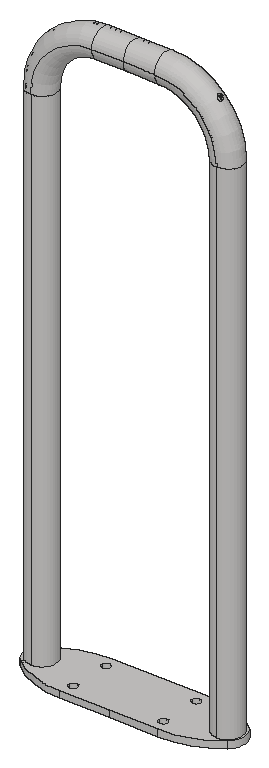
Revit family "Landscaping_Other_Axelent_Nimbus_Small", category Furniture, Revit 2018
Family settings
  OmniClass Number = 23.40.10.14
  OmniClass Title = Exterior Specialties
  Work Plane-Based = No
  Always vertical = Yes
  Cut with Voids When Loaded = No
  Shared = No
  Room Calculation Point = No
Parameters (values of type "Bike-Up Nimbus Small")
  nimbus type = nimbus small : nimbus small
  WarrantyStartDate [instance] = "n/a"
  WarrantyGuarantorParts = "n/a"
  WarrantyGuarantorLabor = "n/a"
  WarrantyDurationUnit = "Years"
  WarrantyDurationParts = "n/a"
  WarrantyDurationLabor = "n/a"
  WarrantyDescription = "n/a"
  VersionDate = "28/03/2022"  # constant formula
  Version = "1"  # constant formula
  Uniclass2015Reference = "Pr_40_30_21"
  Uniclass2015Description = "Cycle stands and lockers"
  Uniclass2 = "Pr_40_30_20"
  URL = "https://www.axelent.com/products/property/bike-racks/other-racks/bike-up-nimbus-small/"
  Type Comments = ""
  TagNumber [instance] = "n/a"
  SustainabilityPerformance = "n/a"
  Style = "n/a"
  Size = "268x80x724 mm"
  Shape = "Sculptured"
  SerialNumber [instance] = "n/a"
  Revision = "n/a"
  ReplacementCost = "n/a"
  ProductInformation = "Stylish bicycle rack for support and locking of bicycles. Hot-dip galvanized surface treatment, fastening with bolt."
  ProductDatasheet = "https://www.axelent.com/media/ig0iec1m/axelent-safe-x-bike-up-nimbus-small.pdf"
  NominalLength = 268.059 mm
  NominalHeight = 724.028 mm
  NominalDepth = 80 mm
  Name = "Nimbus_Small"
  NBSReference = "45-35-86/311"
  NBSDescription = "Aluminium cycle lockers"
  ModelReference = "n/a"
  ModelNumber = "101101"
  Material = "Steel"
  ManufacturerURL = "https://www.axelent.com/home/"
  ManufacturerName = "Axelent"
  Model = "Bike-Up Nimbus Small"
  Manufacturer = "Axelent"
  MainColor = "Galvanized"
  InstallationDate [instance] = "n/a"
  IfcExportType = "BOLLARD"  # constant formula
  IfcExportAs = "IfcFurnishingElementType"  # constant formula
  Grade = "n/a"
  Finish = "n/a"
  Features = "n/a"
  ExpectedLife = "Years"
  DurationUnit = "n/a"
  Description = "Stylish bicycle rack for support and locking of bicycles. Hot-dip galvanized surface treatment, fastening with bolt."
  CycleBollardMainMaterial = Steel, Galvanized
  Cost = 0
  Constituents = "n/a"
  Color = MainColor  # "Galvanized"
  CodePerformance = "n/a"
  Barcode [instance] = "n/a"
  AssetIdentifier [instance] = "n/a"
  Category = "Cycle lockers"
  Brand = "Axelent"
  BIMObjectName = "Landscaping_Other_Axelent_Nimbus_Small"
  Author = "BIMstone"  # constant formula
  AssetType = "Fixed"
  AccessibilityPerformance = "n/a"
Reference planes
  plane 1 "Center (Front/Back)": y = 0
  plane 2: z = 0
  plane 3 "Center (Left/Right)": x = 0
  plane 4: x = -134.029
  plane 5: x = 134.029
  plane 6: y = -40
  plane 7: z = 724.028
  plane 8: y = 40
Dimensions and locks
  equal spacing: plane 4, plane 3 "Center (Left/Right)", plane 5
  "NominalLength": plane 4 to plane 5
  "NominalHeight": plane 7 to level
  equal spacing: plane 8, plane 1 "Center (Front/Back)", plane 6
  "NominalDepth": plane 6 to plane 8
  aligned and locked: level to plane 2
Nested families
  nested 1: "nimbus small" at (0, 0, 0), type <- "nimbus type", main material <- "CycleBollardMainMaterial", type "nimbus small"
    with main material Steel, Galvanized
Definition of nested family "nimbus small"
  Parameters (values of type "nimbus small")
    main material [instance] = none
  Reference planes
    plane 1 "Center (Front/Back)": y = 0
    plane 2: z = 0
    plane 3 "Center (Left/Right)": x = 0
    plane 4: y = 40
    plane 5: y = -40
    plane 6: x = -134.029
    plane 7: x = 134.029
    plane 8: z = 724.028
  Forms (mm)
    Extrusion 1, solid, material <- "main material", detail levels medium+fine
      sketch origin (0, 0, 0) x (1, 0, 0) y (0, 1, 0)
        loop
          line (0, 40) -> (-60.019, 40)
          arc (-60.019, 40) -> (-95.358, 33.821) -> (-126.504, 16.018) r 104.147
          arc (-126.504, 16.018) -> (-134.029, 0) -> (-126.504, -16.018) r 20.81
          arc (-126.504, -16.018) -> (-95.358, -33.821) -> (-60.019, -40) r 104.147
          line (-60.019, -40) -> (0, -40) -> (60.019, -40)
          arc (60.019, -40) -> (95.358, -33.821) -> (126.504, -16.018) r 104.147
          arc (126.504, -16.018) -> (134.029, 0) -> (126.504, 16.018) r 20.81
          arc (126.504, 16.018) -> (95.358, 33.821) -> (60.019, 40) r 104.147
          line (60.019, 40) -> (0, 40)
        loop
          circle (-54.986, 24.983) r 5.5
        loop
          circle (-54.986, -24.983) r 5.5
        loop
          circle (54.986, 24.983) r 5.5
        loop
          circle (54.986, -24.983) r 5.5
      from 0 to 8
    Sweep 2, solid, material <- "main material", detail levels medium+fine
      path origin (0, 0, 0) x (1, 0, 0) y (0, 0, 1)
        loop
          line (113.529, 8) -> (113.529, 631.528)
          arc (113.529, 631.528) -> (91.562, 684.561) -> (38.529, 706.528) r 75
          line (38.529, 706.528) -> (0, 706.528) -> (-38.529, 706.528)
          arc (-38.529, 706.528) -> (-91.562, 684.561) -> (-113.529, 631.528) r 75
          line (-113.529, 631.528) -> (-113.529, 8)
      profile origin (-19.265, 0, 706.528) x (0, 0, -1) y (0, -1, 0)
        loop
          circle (0, 0) r 17.5
        loop
          circle (0, 0) r 15.5
    Extrusion 3, void
      sketch origin (451.817, 0, 283.298) x (0.707107, 0, 0.707107) y (0, 1, 0)
        loop
          circle (-100.974, 0) r 4
      from 586.761 to 774.821
    Extrusion 4, void
      sketch origin (-451.817, 0, 283.298) x (-0.707107, 0, 0.707107) y (0, -1, 0)
        loop
          circle (-100.974, 0) r 4
      from 586.761 to 774.821
    Extrusion 5, solid, material <- "main material", detail levels coarse
      sketch origin (0, 0, 0) x (0, 1, 0) y (0, 0, 1)
        loop
          line (-40, 724.028) -> (-40, 0) -> (40, 0) -> (40, 724.028) -> (-40, 724.028)
      from -134.029 to 134.029
  Cuts and joins
    Extrusion 3 cuts Extrusion 1
    Extrusion 3, Extrusion 4 cuts Sweep 2
  Lines and regions (mm)
    symbolic lines, detail levels medium+fine
      curve 1: line (0, 40, 0) -> (-60.019, 40, 0)
      curve 2: arc (-60.019, 40, 0) -> (-95.358, 33.821, 0) -> (-126.504, 16.018, 0) r 104.147
      curve 3: arc (-126.504, 16.018, 0) -> (-132.054, 8.849, 0) -> (-134.029, 0, 0) r 20.81
      curve 9: line (0, 40, 0) -> (60.019, 40, 0)
      curve 10: arc (60.019, 40, 0) -> (95.358, 33.821, 0) -> (126.504, 16.018, 0) r 104.147
      curve 11: arc (126.504, 16.018, 0) -> (132.054, 8.849, 0) -> (134.029, 0, 0) r 20.81
      curve 17: line (0, -40, 0) -> (-60.019, -40, 0)
      curve 18: arc (-60.019, -40, 0) -> (-95.358, -33.821, 0) -> (-126.504, -16.018, 0) r 104.147
      curve 19: arc (-126.504, -16.018, 0) -> (-132.054, -8.849, 0) -> (-134.029, 0, 0) r 20.81
      curve 25: line (0, -40, 0) -> (60.019, -40, 0)
      curve 26: arc (60.019, -40, 0) -> (95.358, -33.821, 0) -> (126.504, -16.018, 0) r 104.147
      curve 27: arc (126.504, -16.018, 0) -> (132.054, -8.849, 0) -> (134.029, 0, 0) r 20.81
      curve 33: line (0, 0, 0) -> (-134.029, 0, 0)
      curve 34: line (-134.029, 0, 0) -> (-134.029, 0, 8)
      curve 35: line (-134.029, 0, 8) -> (-131.029, 0, 8)
      curve 38: line (-131.029, 0, 8) -> (-131.029, 0, 631.488)
      curve 39: line (0, 0, 724.028) -> (-38.49, 0, 724.028)
      curve 40: arc (-131.029, 0, 631.488) -> (-103.925, 0, 696.924) -> (-38.49, 0, 724.028) r 92.539
      curve 44: line (0, 0, 0) -> (134.029, 0, 0)
      curve 45: line (134.029, 0, 0) -> (134.029, 0, 8)
      curve 46: line (134.029, 0, 8) -> (131.029, 0, 8)
      curve 49: line (131.029, 0, 8) -> (131.029, 0, 631.488)
      curve 50: line (0, 0, 724.028) -> (38.49, 0, 724.028)
      curve 51: arc (131.029, 0, 631.488) -> (103.925, 0, 696.924) -> (38.49, 0, 724.028) r 92.539
      curve 55: line (0, 0, 0) -> (0, 40, 0)
      curve 56: line (0, 40, 0) -> (0, 40, 8)
      curve 57: line (0, 40, 8) -> (0, 17.5, 8)
      curve 59: line (0, 17.5, 8) -> (0, 17.5, 707.22)
      curve 60: arc (0, 17.5, 707.22) -> (0, 12.331, 719.352) -> (0, 0, 724.028) r 16.822
      curve 62: line (0, 0, 0) -> (0, -40, 0)
      curve 63: line (0, -40, 0) -> (0, -40, 8)
      curve 64: line (0, -40, 8) -> (0, -17.5, 8)
      curve 66: line (0, -17.5, 8) -> (0, -17.5, 707.22)
      curve 67: arc (0, -17.5, 707.22) -> (0, -12.331, 719.352) -> (0, 0, 724.028) r 16.822
    symbolic lines, detail levels fine
      curve 4: line (-113.529, 17.5, 0) -> (0, 17.5, 0)
      curve 5: arc (-131.029, 0, 0) -> (-125.904, 12.374, 0) -> (-113.529, 17.5, 0) r 17.5
      curve 6: arc (-60.486, 24.983, 0) -> (-54.986, 30.483, 0) -> (-49.486, 24.983, 0) r 5.5
      curve 7: arc (-49.486, 24.983, 0) -> (-54.986, 19.483, 0) -> (-60.486, 24.983, 0) r 5.5
      curve 8: arc (-99.767, 0, 0) -> (-103.811, 4.044, 0) -> (-107.855, 0, 0) r 4.044
      curve 12: line (113.529, 17.5, 0) -> (0, 17.5, 0)
      curve 13: arc (131.029, 0, 0) -> (125.904, 12.374, 0) -> (113.529, 17.5, 0) r 17.5
      curve 14: arc (60.486, 24.983, 0) -> (54.986, 30.483, 0) -> (49.486, 24.983, 0) r 5.5
      curve 15: arc (49.486, 24.983, 0) -> (54.986, 19.483, 0) -> (60.486, 24.983, 0) r 5.5
      curve 16: arc (99.767, 0, 0) -> (103.811, 4.044, 0) -> (107.855, 0, 0) r 4.044
      curve 20: line (-113.529, -17.5, 0) -> (0, -17.5, 0)
      curve 21: arc (-131.029, 0, 0) -> (-125.904, -12.374, 0) -> (-113.529, -17.5, 0) r 17.5
      curve 22: arc (-60.486, -24.983, 0) -> (-54.986, -30.483, 0) -> (-49.486, -24.983, 0) r 5.5
      curve 23: arc (-49.486, -24.983, 0) -> (-54.986, -19.483, 0) -> (-60.486, -24.983, 0) r 5.5
      curve 24: arc (-99.767, 0, 0) -> (-103.811, -4.044, 0) -> (-107.855, 0, 0) r 4.044
      curve 28: line (113.529, -17.5, 0) -> (0, -17.5, 0)
      curve 29: arc (131.029, 0, 0) -> (125.904, -12.374, 0) -> (113.529, -17.5, 0) r 17.5
      curve 30: arc (60.486, -24.983, 0) -> (54.986, -30.483, 0) -> (49.486, -24.983, 0) r 5.5
      curve 31: arc (49.486, -24.983, 0) -> (54.986, -19.483, 0) -> (60.486, -24.983, 0) r 5.5
      curve 32: arc (99.767, 0, 0) -> (103.811, -4.044, 0) -> (107.855, 0, 0) r 4.044
      curve 36: line (-131.029, 0, 8) -> (-96.029, 0, 8)
      curve 37: line (-96.029, 0, 8) -> (0, 0, 8)
      curve 41: line (0, 0, 689.028) -> (-38.49, 0, 689.028)
      curve 42: arc (-96.029, 0, 631.488) -> (-79.177, 0, 672.175) -> (-38.49, 0, 689.028) r 57.539
      curve 43: line (-96.029, 0, 8) -> (-96.029, 0, 631.488)
      curve 47: line (131.029, 0, 8) -> (96.029, 0, 8)
      curve 48: line (96.029, 0, 8) -> (0, 0, 8)
      curve 52: line (0, 0, 689.028) -> (38.49, 0, 689.028)
      curve 53: arc (96.029, 0, 631.488) -> (79.177, 0, 672.175) -> (38.49, 0, 689.028) r 57.539
      curve 54: line (96.029, 0, 8) -> (96.029, 0, 631.488)
      curve 58: line (0, 17.5, 8) -> (0, 0, 8)
      curve 61: arc (0, 0, 699.376) -> (0, 2.843, 696.533) -> (0, 0, 693.689) r 2.843
      curve 65: line (0, -17.5, 8) -> (0, 0, 8)
      curve 68: arc (0, 0, 699.376) -> (0, -2.843, 696.533) -> (0, 0, 693.689) r 2.843
  Dimensions and locks
    aligned and locked: level to plane 2
